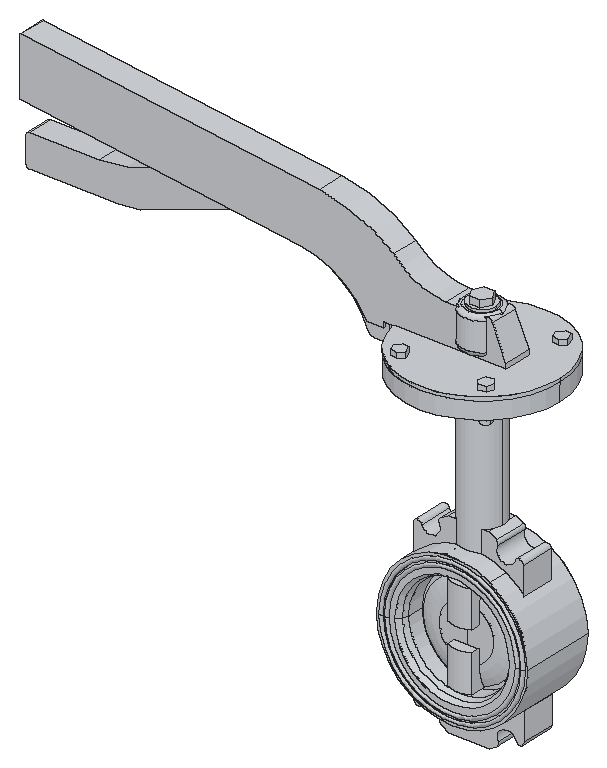
Revit family "R59WX005", category Plumbing Fixtures, Revit 2015
Reference planes
  plane 1 "Center (Front/Back)": y = 0
  plane 2: z = 0
  plane 3 "Center (Left/Right)": x = 0
  plane 4: z = 140
  plane 5: x = -260
  plane 6: z = 217
  plane 7: z = 187
  plane 8: z = -63.5
  plane 9: z = -30
  plane 10: z = 170
  plane 11: z = -30
  plane 12: y = -21.488
  plane 13: y = 21.512
Forms (mm)
  Extrusion 1, solid
    sketch origin (0, 0, 130) x (1, 0, 0) y (0, 1, 0)
      loop
        circle (0, 0) r 45
    from 0 to 10
  Extrusion 2, solid
    sketch origin (0, 0, -76.95) x (1, 0, 0) y (0, 1, 0)
      loop
        circle (0, 0) r 12
    from 118.947 to 206.95
  Revolve 3, solid
    sketch origin (0, 0, 0) x (0, 1, 0) y (0, 0, 1)
      loop
        line (11.11, 0) -> (-11.11, 0) -> (-11.11, -15.844)
        arc (-11.11, -15.844) -> (-10.348, -21.777) -> (-8.11, -27.324) r 23.466
        line (-8.11, -27.324) -> (-6.091, -27.324) -> (-6.091, -30.094) -> (6.091, -30.094) -> (6.091, -27.324) -> (8.11, -27.324)
        arc (8.11, -27.324) -> (10.348, -21.777) -> (11.11, -15.844) r 23.466
        line (11.11, -15.844) -> (11.11, 0)
      axis (11.11, 0) -> (-11.11, 0)
    angle from 0 to 360
  Blend 4, solid
    base sketch origin (0, 0, -4.163) x (1, 0, 0) y (0, 1, 0)
      loop
        line (-6.883, 16.4) -> (-6.883, -16.4)
        arc (-6.883, -16.4) -> (0, -18.078) -> (6.883, -16.4) r 14.953
        line (6.883, -16.4) -> (6.883, 16.4)
        arc (6.883, 16.4) -> (0, 18.078) -> (-6.883, 16.4) r 14.953
    top sketch origin (0, 0, 0) x (1, 0, 0) y (0, 1, 0)
      loop
        line (-6.883, 16.4) -> (-6.883, -16.4)
        arc (-6.883, -16.4) -> (0, -18.078) -> (6.883, -16.4) r 14.953
        line (6.883, -16.4) -> (6.883, 16.4)
        arc (6.883, 16.4) -> (0, 18.078) -> (-6.883, 16.4) r 14.953
    from 10.163 to 27.413
  Blend 5, solid
    base sketch origin (0, 0, -38.601) x (0, -1, 0) y (1, 0, 0)
      loop
        line (-16.4, -6.883) -> (16.4, -6.883)
        arc (16.4, -6.883) -> (18.078, 0) -> (16.4, 6.883) r 14.953
        line (16.4, 6.883) -> (-16.4, 6.883)
        arc (-16.4, 6.883) -> (-18.078, 0) -> (-16.4, -6.883) r 14.953
    top sketch origin (0, 0, -35.117) x (0, -1, 0) y (1, 0, 0)
      loop
        line (-16.4, -6.883) -> (16.4, -6.883)
        arc (16.4, -6.883) -> (18.078, 0) -> (16.4, 6.883) r 14.953
        line (16.4, 6.883) -> (-16.4, 6.883)
        arc (-16.4, 6.883) -> (-18.078, 0) -> (-16.4, -6.883) r 14.953
    from 11.112 to 29.117
  Extrusion 6, solid
    sketch origin (99.126, -27.447, 142) x (0, -1, 0) y (1, 0, 0)
      loop
        line (3.99, -123.113) -> (0.805, -120.344) -> (-3.184, -121.718) -> (-3.99, -125.86) -> (-0.805, -128.628) -> (3.184, -127.254) -> (3.99, -123.113)
    from 0 to 3
  Extrusion 7, solid
    sketch origin (99.126, -27.447, 122) x (0, -1, 0) y (1, 0, 0)
      loop
        circle (0, -124.486) r 3
    from 2.505 to 20
  Extrusion 8, solid
    sketch origin (99.126, -27.447, 129) x (0, -1, 0) y (1, 0, 0)
      loop
        line (3.99, -123.113) -> (0.805, -120.344) -> (-3.184, -121.718) -> (-3.99, -125.86) -> (-0.805, -128.628) -> (3.184, -127.254) -> (3.99, -123.113)
      loop
        line (-3.444, -125.672) -> (-0.695, -128.061) -> (2.749, -126.876) -> (3.444, -123.301) -> (0.695, -120.911) -> (-2.749, -122.097) -> (-3.444, -125.672)
    from -1.968 to 1
  Extrusion 9, solid, not visible
    sketch origin (26.117, -96.518, 104.233) x (0, -1, 0) y (1, 0, 0)
      loop
        line (3.99, -123.113) -> (0.805, -120.344) -> (-3.184, -121.718) -> (-3.99, -125.86) -> (-0.805, -128.628) -> (3.184, -127.254) -> (3.99, -123.113)
    from 0 to 3
  Extrusion 10, solid, not visible
    sketch origin (26.117, -96.518, 84.233) x (0, -1, 0) y (1, 0, 0)
      loop
        circle (0, -124.486) r 3
    from 2.505 to 20
  Extrusion 11, solid, not visible
    sketch origin (26.117, -96.518, 91.233) x (0, -1, 0) y (1, 0, 0)
      loop
        line (3.99, -123.113) -> (0.805, -120.344) -> (-3.184, -121.718) -> (-3.99, -125.86) -> (-0.805, -128.628) -> (3.184, -127.254) -> (3.99, -123.113)
      loop
        line (-3.444, -125.672) -> (-0.695, -128.061) -> (2.749, -126.876) -> (3.444, -123.301) -> (0.695, -120.911) -> (-2.749, -122.097) -> (-3.444, -125.672)
    from -1.968 to 1
  Extrusion 12, solid
    sketch origin (0, 0, 140) x (1, 0, 0) y (0, 1, 0)
      loop
        circle (0, 0) r 45
    from 0 to 2
  Extrusion 13, solid
    sketch origin (99.126, -27.447, 142) x (0, -1, 0) y (1, 0, 0)
      loop
        line (-58.884, -123.113) -> (-58.079, -127.254) -> (-54.09, -128.628) -> (-50.905, -125.86) -> (-51.71, -121.718) -> (-55.7, -120.344) -> (-58.884, -123.113)
    from 0 to 3
  Extrusion 14, solid
    sketch origin (99.126, -27.447, 122) x (0, -1, 0) y (1, 0, 0)
      loop
        circle (-54.895, -124.486) r 3
    from 2.505 to 20
  Extrusion 15, solid
    sketch origin (99.126, -27.447, 129) x (0, -1, 0) y (1, 0, 0)
      loop
        line (-58.884, -123.113) -> (-58.079, -127.254) -> (-54.09, -128.628) -> (-50.905, -125.86) -> (-51.71, -121.718) -> (-55.7, -120.344) -> (-58.884, -123.113)
      loop
        line (-51.451, -125.672) -> (-52.146, -122.097) -> (-55.59, -120.911) -> (-58.339, -123.301) -> (-57.644, -126.876) -> (-54.2, -128.061) -> (-51.451, -125.672)
    from -1.968 to 1
  Extrusion 16, solid
    sketch origin (-100.376, 27.447, 142) x (0, 1, 0) y (-1, 0, 0)
      loop
        line (-58.884, -123.113) -> (-58.079, -127.254) -> (-54.09, -128.628) -> (-50.905, -125.86) -> (-51.71, -121.718) -> (-55.7, -120.344) -> (-58.884, -123.113)
    from 0 to 3
  Extrusion 17, solid
    sketch origin (-100.376, 27.447, 122) x (0, 1, 0) y (-1, 0, 0)
      loop
        circle (-54.895, -124.486) r 3
    from 2.505 to 20
  Extrusion 18, solid
    sketch origin (-100.376, 27.447, 129) x (0, 1, 0) y (-1, 0, 0)
      loop
        line (-58.884, -123.113) -> (-58.079, -127.254) -> (-54.09, -128.628) -> (-50.905, -125.86) -> (-51.71, -121.718) -> (-55.7, -120.344) -> (-58.884, -123.113)
      loop
        line (-51.451, -125.672) -> (-52.146, -122.097) -> (-55.59, -120.911) -> (-58.339, -123.301) -> (-57.644, -126.876) -> (-54.2, -128.061) -> (-51.451, -125.672)
    from -1.968 to 1
  Extrusion 19, solid
    sketch origin (-100.376, 27.447, 142) x (0, 1, 0) y (-1, 0, 0)
      loop
        line (3.99, -123.113) -> (0.805, -120.344) -> (-3.184, -121.718) -> (-3.99, -125.86) -> (-0.805, -128.628) -> (3.184, -127.254) -> (3.99, -123.113)
    from 0 to 3
  Extrusion 20, solid
    sketch origin (-100.376, 27.447, 122) x (0, 1, 0) y (-1, 0, 0)
      loop
        circle (0, -124.486) r 3
    from 2.505 to 20
  Extrusion 21, solid
    sketch origin (-100.376, 27.447, 129) x (0, 1, 0) y (-1, 0, 0)
      loop
        line (3.99, -123.113) -> (0.805, -120.344) -> (-3.184, -121.718) -> (-3.99, -125.86) -> (-0.805, -128.628) -> (3.184, -127.254) -> (3.99, -123.113)
      loop
        line (-3.444, -125.672) -> (-0.695, -128.061) -> (2.749, -126.876) -> (3.444, -123.301) -> (0.695, -120.911) -> (-2.749, -122.097) -> (-3.444, -125.672)
    from -1.968 to 1
  Extrusion 22, solid
    sketch origin (125.063, -27.447, 167.144) x (0, -1, 0) y (1, 0, 0)
      loop
        line (-32.638, -122.069) -> (-32.638, -128.062) -> (-27.447, -131.059) -> (-22.257, -128.062) -> (-22.257, -122.069) -> (-27.447, -119.072) -> (-32.638, -122.069)
    from -1.014 to 2.856
  Extrusion 23, solid
    sketch origin (124.477, -54.895, 162.2) x (0, -1, 0) y (1, 0, 0)
      loop
        circle (-54.895, -124.486) r 8
    from -22.2 to 3.931
  Sweep 24, solid
    path origin (0, 0, 0) x (1, 0, 0) y (0, 0, 1)
      loop
        circle (0, 0) r 43.5
    profile origin (0, 0, -43.5) x (0, 0, 1) y (0, -1, 0)
      loop
        line (0, 21.512) -> (0, -21.512) -> (1.609, -21.512)
        arc (1.609, -21.512) -> (2.622, -22.526) -> (3.636, -21.512) r 1.014
        line (3.636, -21.512) -> (4.909, -21.512)
        arc (4.909, -21.512) -> (5.923, -22.526) -> (6.937, -21.512) r 1.014
        line (6.937, -21.512) -> (10.541, -21.512) -> (12.517, -18.672) -> (13.454, -15.174) -> (13.454, 15.174) -> (12.517, 18.672) -> (10.541, 21.512) -> (6.937, 21.512)
        arc (6.937, 21.512) -> (5.923, 22.526) -> (4.909, 21.512) r 1.014
        line (4.909, 21.512) -> (3.636, 21.512)
        arc (3.636, 21.512) -> (2.622, 22.526) -> (1.609, 21.512) r 1.014
        line (1.609, 21.512) -> (0, 21.512)
  Revolve 25, solid
    sketch origin (0, 0, 0) x (1, 0, 0) y (0, 0, 1)
      loop
        line (-9.486, 143.746) -> (0, 143.746) -> (0, 165) -> (-9.486, 165)
        arc (-9.486, 165) -> (-11.259, 164.265) -> (-11.994, 162.492) r 2.508
        line (-11.994, 162.492) -> (-11.994, 146.254)
        arc (-11.994, 146.254) -> (-11.259, 144.481) -> (-9.486, 143.746) r 2.508
      axis (0, 143.746) -> (0, 165)
    angle from 0 to 360
  Sweep 26, solid
    path origin (-0.002, 0, 0) x (1, 0, 0) y (0, 0, 1)
      loop
        circle (0, 0) r 43.5
    profile origin (-0.002, 0, -43.5) x (0, 0, 1) y (0, -1, 0)
      loop
        line (0, 21.488) -> (0, -21.512) -> (3.948, -21.512) -> (3.948, 21.488) -> (0, 21.488)
  Extrusion 27, solid
    sketch origin (0.257, 45.948, -141.021) x (1, 0, 0) y (0, 0, 1)
      loop
        arc (-14.408, 305.574) -> (-31.009, 309.172) -> (-44.632, 319.319) r 40.102
        arc (-44.632, 319.319) -> (-64.682, 331.561) -> (-87.387, 337.59) r 81.686
        line (-87.387, 337.59) -> (-259.322, 357.495)
        arc (-259.322, 357.495) -> (-259.796, 357.345) -> (-260, 356.891) r 0.608
        line (-260, 356.891) -> (-260, 323.702) -> (-98.154, 304.965)
        arc (-98.154, 304.965) -> (-76.145, 296.857) -> (-60.289, 279.573) r 49.8
        line (-60.289, 279.573) -> (-50.289, 279.573) -> (-50.289, 282.573) -> (19.968, 282.573) -> (19.968, 285.573) -> (12.265, 303.72)
        arc (12.265, 303.72) -> (11.146, 305.067) -> (9.47, 305.574) r 3.044
        line (9.47, 305.574) -> (-14.408, 305.574)
    from 37.966 to 54.11
  Extrusion 28, solid
    sketch origin (-37.526, 45.948, -215.535) x (1, 0, 0) y (0, 0, 1)
      loop
        arc (-22.093, 349.062) -> (-20.549, 347.09) -> (-18.159, 346.344) r 4.207
        line (-18.159, 346.344) -> (-9.636, 346.344) -> (-9.636, 357.087) -> (-17.519, 357.087)
        arc (-17.519, 357.087) -> (-19.393, 357.527) -> (-20.874, 358.756) r 4.207
        line (-20.874, 358.756) -> (-36.673, 388.468)
        arc (-36.673, 388.468) -> (-42.926, 395.877) -> (-51.675, 400.052) r 23.006
        line (-51.675, 400.052) -> (-121.464, 408.132)
        arc (-121.464, 408.132) -> (-146.554, 389.335) -> (-177.106, 382.301) r 75.785
        line (-177.106, 382.301) -> (-217.214, 382.301)
        arc (-217.214, 382.301) -> (-218.486, 381.806) -> (-219.141, 380.609) r 1.995
        line (-219.141, 380.609) -> (-219.141, 365.458)
        arc (-219.141, 365.458) -> (-218.486, 364.261) -> (-217.214, 363.766) r 1.995
        line (-217.214, 363.766) -> (-165.969, 363.766)
        arc (-165.969, 363.766) -> (-159.476, 364.161) -> (-153.041, 365.112) r 75.785
        line (-153.041, 365.112) -> (-102.034, 383.677) -> (-60.442, 378.862)
        arc (-60.442, 378.862) -> (-37.124, 369.314) -> (-22.17, 349.033) r 46.662
    from 38.356 to 53.486
  Extrusion 29, solid
    sketch origin (-3.423, 0.293, 17.984) x (1, 0, 0) y (0, 0, 1)
      loop
        arc (19.809, -71.788) -> (20.705, -70.506) -> (20.589, -68.955) r 2.274
        arc (20.589, -68.955) -> (23.4, -61.587) -> (30.638, -64.717) r 5.458
        arc (30.638, -64.717) -> (33.395, -66.474) -> (35.533, -64.001) r 2.5
        line (35.533, -64.001) -> (35.533, -47.891)
        arc (35.533, -47.891) -> (3.748, -61.693) -> (-28.036, -47.891) r 43.5
        line (-28.036, -47.891) -> (-28.036, -64.001)
        arc (-28.036, -64.001) -> (-25.898, -66.474) -> (-23.141, -64.717) r 2.5
        arc (-23.141, -64.717) -> (-15.903, -61.587) -> (-13.092, -68.955) r 5.458
        arc (-13.092, -68.955) -> (-13.208, -70.506) -> (-12.311, -71.787) r 2.274
        arc (-12.311, -71.787) -> (-10.209, -73.088) -> (-8.002, -74.203) r 28.535
        line (-8.002, -74.203) -> (15.502, -74.203)
        arc (15.502, -74.203) -> (17.708, -73.089) -> (19.809, -71.788) r 28.535
    from -9.388 to 9.974
  Extrusion 30, solid
    sketch origin (-2.798, 0.293, -18.402) x (1, 0, 0) y (0, 0, 1)
      loop
        arc (18.871, 71.163) -> (16.77, 72.464) -> (14.565, 73.578) r 28.535
        line (14.565, 73.578) -> (-8.94, 73.578)
        arc (-8.94, 73.578) -> (-11.147, 72.463) -> (-13.249, 71.162) r 28.535
        arc (-13.249, 71.162) -> (-14.145, 69.881) -> (-14.03, 68.33) r 2.274
        arc (-14.03, 68.33) -> (-16.841, 60.962) -> (-24.079, 64.092) r 5.458
        arc (-24.079, 64.092) -> (-26.836, 65.849) -> (-28.974, 63.376) r 2.5
        line (-28.974, 63.376) -> (-28.974, 47.266)
        arc (-28.974, 47.266) -> (2.811, 61.068) -> (34.596, 47.266) r 43.5
        line (34.596, 47.266) -> (34.596, 63.376)
        arc (34.596, 63.376) -> (32.458, 65.849) -> (29.701, 64.092) r 2.5
        arc (29.701, 64.092) -> (22.463, 60.962) -> (19.652, 68.33) r 5.458
        arc (19.652, 68.33) -> (19.767, 69.881) -> (18.871, 71.163) r 2.274
    from -9.388 to 9.974
Dimensions and locks
  locked: plane 2 to plane 4 at 140
  plane 3 "Center (Left/Right)" to plane 5 = 260 mm
  level to plane 6 = 217 mm
  plane 8 to level = 63.5 mm
  locked: plane 4 to plane 10 at 30
  plane 13 to plane 12 = 43 mm
  aligned and locked: level to plane 2
